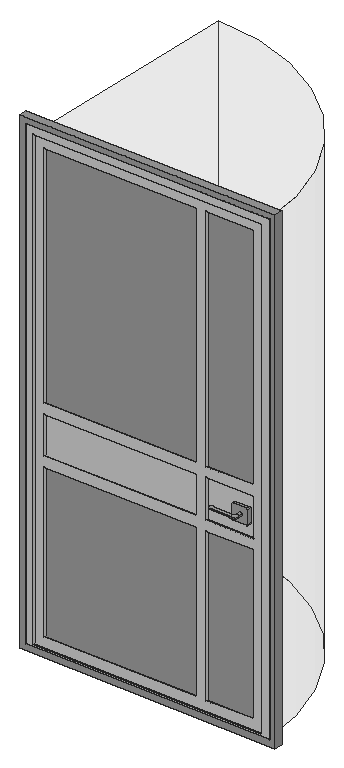
Revit family "AVLN_Дверь_Сетка", category Двери, Revit 2021
Family settings
  Основа = Стена
  Номер OmniClass = 23.30.10.00
  Заголовок OmniClass = Doors
  Всегда вертикально = Да
  При загрузке вырезать с полостями = Нет
  Общий = Нет
  Точка принадлежности помещению = Нет
Parameters (values of type "Для копирования!")
  х1 = if(Левая, (Width - 250 mm - Рама_полотно * 3 - Коробка толщина_Верх * 2 - Монтажный зазор_Верх * 2), 250 mm)  # 250 mm
  Ширина полотна [instance] = Width - Монтажный зазор_Верх * 2 - Коробка толщина_Верх * 2  # 1200 mm
  Тонкая линия проема = yes
  Толщина = 30 mm  # constant formula
  Стекло.Толщина = 15 mm
  Стекло = yes
  Смещение проема [instance] = 0 mm
  Смещение внутрь = 0 mm
  С1 [instance] = if(Смещение проема = 0 mm, 1 mm, 0 mm)  # 1 mm
  Ручка смещение = 110 mm  # constant formula
  Ручка высота = 1000 mm  # constant formula
  Рама_полотно = 50 mm  # constant formula
  Рабочая зона = no
  Rough Width = Width - Монтажный зазор_Справа - Монтажный зазор_Слева  # 1280 mm
  Rough Height = Height - Монтажный зазор_Верх - Монтажный зазор_Низ  # 2450 mm
  Правая = yes
  Порог_наружный_смещение [instance] = 50 mm
  Порог_внутренний_смещение [instance] = 50 mm
  Порог_внуренний [instance] = no
  Порог [instance] = no
  Определить тепловые свойства по = Тип схем
  Описание = "Индивидуальный дверной блок (лестница) стальной однопольный, с пониженым порогом, с уплотнителем, с доводчиком, с нажимными ручками. Без замка, с ограничителем. Ширина проема в свету не менее 900 мм. Цвет: см. Дизайн-проект."
  Окрывание 30° = yes
  Fire Rating = ""
  Монтажный зазор_Справа = 30 mm
  Монтажный зазор_Слева = 30 mm
  Монтажный зазор_Низ = 30 mm
  Монтажный зазор сверху [instance] = if(Смещение проема = 0 mm, Монтажный зазор_Верх - 1 mm, Монтажный зазор_Верх)  # 29 mm
  Монтажный зазор_Верх = 30 mm
  Материал_Коробка = Сталь
  Материал_Сетка = Сетка
  Материал_Рабочая зона = none
  Материал_Полотно = Сталь
  Материал_Монтажный зазор = Монтажный зазор
  Материал_Дверной ручки = По умолчанию
  Левая = not(Правая)  # no
  Коробка_Глубина = 40 mm
  Коробка.Профиль = 1 mm  # constant formula
  Коробка толщина_Справа = 40 mm
  Коробка толщина_Слева = 40 mm
  Коробка толщина_Низ = 10 mm
  Коробка толщина_Верх = 40 mm
  Комментарии к типоразмеру = "Двери внутренние"
  Заполнение под проемом_Видимость [instance] = if(Смещение проема = 0 mm, 1 = 0, 1 = 1)  # no
  Функция = Внутренние слои
  Группа модели = "Дверь"
  Height = 2510 mm
  Замыкание стены = По основе
  Width = 1340 mm
  Аналитическая конструкция = "<Нет>"
  АВЛН_Проем_Высота [instance] = if(Смещение проема = 0 mm, Height - 1 mm, Height)  # 2509 mm
  ADSK_Размер_Ширина [instance] = Width  # 1340 mm
  ADSK_Размер_Высота [instance] = Height + Смещение проема  # 2510 mm
  ADSK_Примечание [instance] = ""
  ADSK_Позиция [instance] = ""
  ADSK_Обозначение = "ГОСТ 31173-2016"
  ADSK_Наименование = "ДСВ Оп 2090-1100 Прг Л Н П2лс"
  ADSK_Масса = 0
  ADSK_Марка [instance] = "ДВ-21Л"
  ADSK_Количество [instance] = 1
  ADSK_Единица измерения [instance] = "шт."
  2 = Монтажный зазор_Верх * 2 + 100 mm  # 160 mm
Reference planes
  plane 1: y = 0
  plane 2 "По центру (Влево/Вправо)": x = 0
  plane 3 "Слева": x = -670
  plane 4 "Справа": x = 670
  plane 5: z = 2509
  plane 6 "Наружный": y = 150
  plane 7 "Внутренние": y = -150
  plane 8: z = 0
  plane 9: x = -640
  plane 10: x = 640
  plane 11: x = 600
  plane 12: x = -600
  plane 13: z = 2480
  plane 14: z = 2440
  plane 15 "Полотно_Н": y = 150
  plane 16 "Полотно_В": y = 120
  plane 17: z = 0
  plane 18: x = -490
  plane 19: x = 490
  plane 20: z = 1040
  plane 21: z = 1254.5
  plane 22 "Короб_В": y = 110
  plane 23: x = -599
  plane 24: x = 599
  plane 25: z = 2439
  plane 26: y = 1490
  plane 27: x = 550
  plane 28: z = 2390
  plane 29: x = -550
  plane 30: y = 135
  plane 31: y = 142.5
  plane 32: y = 127.5
  plane 33: y = 200
  plane 34: y = -200
  plane 35: z = -1
  plane 36 "Решетка_Смещение_Низ": z = 90
  plane 37 "Решетка_Смещение_Верх": z = 2172.293
  plane 38: y = 1330
  plane 39: x = 300
  plane 40: x = 250
  plane 41 "Короб_Г": z = 40
  plane 42 "Начало": z = 0
  plane 43 "Короб_Е": z = 30
Forms (mm)
  Extrusion 1, solid, material "Сталь" <- "Материал_Полотно", visible <- "Стекло", detail levels fine
    sketch origin (0, 150, 0) x (1, 0, 0) y (0, 0, 1)
      loop
        line (600, 2440) -> (-600, 2440) -> (-600, 40) -> (600, 40) -> (600, 2440)
      loop
        line (550, 2390) -> (300, 2390) -> (300, 1190) -> (550, 1190) -> (550, 2390)
      loop
        line (250, 1190) -> (250, 2390) -> (-550, 2390) -> (-550, 1190) -> (250, 1190)
      loop
        line (250, 890) -> (-550, 890) -> (-550, 90) -> (250, 90) -> (250, 890)
      loop
        line (550, 890) -> (300, 890) -> (300, 90) -> (550, 90) -> (550, 890)
      loop
        line (300, 1140) -> (300, 940) -> (550, 940) -> (550, 1140) -> (300, 1140)
      loop
        line (250, 1140) -> (-550, 1140) -> (-550, 940) -> (250, 940) -> (250, 1140)
    from 0 to 30
  Extrusion 2, solid, material "Сталь" <- "Материал_Коробка", visible <- "Заполнение под проемом_Видимость", detail levels fine
    sketch origin (0, 150, 0) x (1, 0, 0) y (0, 0, 1)
      loop
        line (670, 0) -> (-670, 0) -> (-670, -1) -> (670, -1) -> (670, 0)
    from 0 to 40
  Extrusion 3, solid, material "Монтажный зазор" <- "Материал_Монтажный зазор"
    sketch origin (0, -150, 0) x (1, 0, 0) y (0, 0, 1)
      loop
        line (-640, 30) -> (640, 30) -> (640, 2480) -> (-640, 2480) -> (-640, 30)
      loop
        line (670, 0) -> (670, 2509) -> (-670, 2509) -> (-670, 0) -> (670, 0)
    from -300 to -260
  Extrusion 4, void
    sketch origin (0, 0, 0) x (1, 0, 0) y (0, 1, 0)
      loop
        line (-670, 1490) -> (-670, 150) -> (670, 150) -> (670, 1490) -> (-670, 1490)
    from 0 to 2509
  Extrusion 5, solid, material "Сетка" <- "Материал_Сетка", visible <- "Стекло", detail levels fine
    sketch origin (0, 150, 0) x (1, 0, 0) y (0, 0, 1)
      loop
        line (550, 2390) -> (300, 2390) -> (300, 1169.5) -> (550, 1169.5) -> (550, 2390)
      loop
        line (-550, 2390) -> (-550, 1169.5) -> (250, 1169.5) -> (250, 2390) -> (-550, 2390)
      loop
        line (550, 90) -> (550, 890) -> (300, 890) -> (300, 90) -> (550, 90)
      loop
        line (250, 90) -> (250, 890) -> (-550, 890) -> (-550, 90) -> (250, 90)
    from 7.5 to 22.5
  Extrusion 6, solid, material "Сталь" <- "Материал_Полотно", not visible
    sketch origin (0, 150, 0) x (1, 0, 0) y (0, 0, 1)
      loop
        line (600, 2440) -> (-600, 2440) -> (-600, 40) -> (600, 40) -> (600, 2440)
    from 0 to 30
  Extrusion 7, solid, material "Зоны открывания", visible <- "Правая"
    sketch origin (1436.722, 564.195, 0) x (1, 0, 0) y (0, 1, 0)
      loop
        line (-2036.722, -414.195) -> (-836.722, -414.195)
        arc (-836.722, -414.195) -> (-1205.944, 410.495) -> (-2036.722, 765.805) r 1240.234
        line (-2036.722, 765.805) -> (-2036.722, -414.195)
    from 0 to 2440
  Extrusion 8, solid, material "Зоны открывания", visible <- "Левая"
    sketch origin (-1436.722, 564.195, 0) x (-1, 0, 0) y (0, -1, 0)
      loop
        line (-2035.722, 414.195) -> (-2035.722, -765.805)
        arc (-2035.722, -765.805) -> (-1200.025, -415.806) -> (-836.722, 414.195) r 1218.902
        line (-836.722, 414.195) -> (-2035.722, 414.195)
    from 0 to 2440
  Extrusion 9, solid, material "Сталь" <- "Материал_Полотно", visible <- "Стекло", detail levels fine
    sketch origin (0, 150, -250) x (1, 0, 0) y (0, 0, 1)
      loop
        line (550, 1390) -> (300, 1390) -> (300, 1190) -> (550, 1190) -> (550, 1390)
      loop
        line (-550, 1390) -> (-550, 1190) -> (250, 1190) -> (250, 1390) -> (-550, 1390)
    from 7.5 to 22.5
  Extrusion 10, solid, material "Сталь" <- "Материал_Коробка"
    sketch origin (30, -150, 0) x (1, 0, 0) y (0, 0, 1)
      loop
        line (-630, 40) -> (569, 40) -> (569, 2440) -> (-630, 2440) -> (-630, 40)
      loop
        line (610, 30) -> (610, 2480) -> (-670, 2480) -> (-670, 30) -> (610, 30)
    from -300 to -260
Lines and regions (mm)
  Opening 1
    outline origin (-3050, -150, 0) x (1, 0, 0) y (0, 0, 1)
      loop
        line (2380, -1) -> (3720, -1) -> (3720, 2509) -> (2380, 2509) -> (2380, -1)
  Masking region 1, visible <- "Тонкая линия проема"
    outline origin (95.796, -283.072, 0) x (1, 0, 0) y (0, 1, 0)
      loop
        line (-739.745, 443.072) -> (-765.796, 433.072) -> (-765.796, 133.072) -> (-765.796, 123.072) -> (574.204, 123.072) -> (574.204, 133.072) -> (574.204, 433.072) -> (546.729, 443.072) -> (-739.745, 443.072)
  model lines, style "Открывание_Внутрь", visible <- "Левая"
    curve 1: line (599, 120, 2439) -> (-599, 120, 1254.5)
    curve 2: line (-599, 120, 1254.5) -> (599, 120, 0)
  model lines, style "Открывание_Внутрь", visible <- "Правая"
    curve 3: line (-599, 120, 0) -> (599, 120, 1254.5)
    curve 4: line (599, 120, 1254.5) -> (-599, 120, 2439)
  model lines, style "Открывание_Наружу", visible <- "Правая"
    curve 5: line (-600, 150, 0) -> (599, 150, 1254.5)
    curve 6: line (599, 150, 1254.5) -> (-600, 150, 2440)
  model lines, style "Открывание_Наружу", visible <- "Левая"
    curve 7: line (600, 150, 2440) -> (-599, 150, 1254.5)
    curve 8: line (-599, 150, 1254.5) -> (600, 150, 0)
  model lines, style "Рабочая зона", visible <- "Рабочая зона"
    curve 9: line (-670, 150, 0) -> (-670, 1490, 0)
    curve 10: line (-670, 1490, 0) -> (670, 1490, 0)
    curve 11: line (670, 150, 0) -> (670, 1490, 0)
  symbolic lines, style "Порог", visible <- "Порог_внуренний"
    curve 12: line (-670, -200, 0) -> (670, -200, 0)
  symbolic lines, style "Порог", visible <- "Порог"
    curve 13: line (-670, 200, 0) -> (670, 200, 0)
Text (mm)
  text "Наружный" at (-2295.016, 1099.543, 0), in view "Опорный уровень"
  text "Наружный" at (0, 1615.38, 3698.081), in view "Слева"
  text "Наружный" at (0, 1036.032, 3874.932), in view "Справа"
Dimensions and locks
  equal spacing: plane 3 "Слева", plane 2 "По центру (Влево/Вправо)", plane 4 "Справа"
  "Width": plane 3 "Слева" to plane 4 "Справа"
  host wall to plane 5 = 2973.966 mm
  locked: plane 6 "Наружный" to host wall
  locked: plane 7 "Внутренние" to host wall
  plane 8 to level = 0 mm
  "АВЛН_Проем_Высота": level to plane 5
  "Монтажный зазор_Слева": plane 3 "Слева" to plane 9
  "Монтажный зазор_Справа": plane 10 to plane 4 "Справа"
  "Смещение внутрь": plane 15 "Полотно_Н" to plane 6 "Наружный"
  "Толщина": plane 15 "Полотно_Н" to plane 16 "Полотно_В"
  "Смещение проема": level to plane 17
  "Монтажный зазор сверху": plane 13 to plane 5
  "Коробка толщина_Верх": plane 14 to plane 13
  "Коробка толщина_Слева": plane 12 to plane 9
  "Коробка толщина_Справа": plane 11 to plane 10
  "Смещение проема": level to plane 8
  "Ручка смещение": plane 12 to plane 18
  "Ручка смещение": plane 19 to plane 11
  equal spacing: level, plane 21, plane 5
  equal spacing: plane 7 "Внутренние", plane 1, plane 6 "Наружный"
  "Коробка_Глубина": plane 15 "Полотно_Н" to plane 22 "Короб_В"
  "Коробка.Профиль": plane 12 to plane 23
  "Коробка.Профиль": plane 24 to plane 11
  "Коробка.Профиль": plane 14 to plane 25
  "Width": plane 26 to plane 15 "Полотно_Н"
  equal spacing: plane 15 "Полотно_Н", plane 30, plane 16 "Полотно_В"
  equal spacing: plane 32, plane 30, plane 31
  "Стекло.Толщина": plane 32 to plane 31
  "Порог_наружный_смещение": plane 6 "Наружный" to plane 33
  "Порог_внутренний_смещение": plane 34 to plane 7 "Внутренние"
  "С1": plane 8 to plane 35
  "Рама_полотно": plane 36 "Решетка_Смещение_Низ" to plane 41 "Короб_Г"
  "2": plane 26 to plane 38
  level to plane 14 = 2440 mm
  "Рама_полотно": plane 28 to plane 14
  "Рама_полотно": plane 27 to plane 11
  "Рама_полотно": plane 29 to plane 12
  "Рама_полотно": plane 40 to plane 39
  "х1": plane 39 to plane 27
  plane 29 to plane 40 = 800 mm
  plane 12 to plane 11 = 1200 mm
  Extrusion 1 to Extrusion 1 = 1100 mm
  plane 9 to plane 3 "Слева" = 30 mm
  plane 4 "Справа" to plane 10 = 30 mm
  "Коробка толщина_Низ": plane 41 "Короб_Г" to plane 43 "Короб_Е"
  "Монтажный зазор_Низ": plane 43 "Короб_Е" to plane 42 "Начало"
  equal spacing: Extrusion 1 sketch curve, plane 20, Extrusion 1 sketch curve  (x2)
  locked: Extrusion 1 sketch curve to Extrusion 1 sketch curve at 200  (x2)
  "Рама_полотно": Extrusion 1 sketch curve to Extrusion 1 sketch curve  (x4)
  "Ручка высота": plane 20 to plane 41 "Короб_Г"
  aligned and locked: plane 3 "Слева" to Opening 1 sketch curve
  aligned and locked: Opening 1 sketch curve to plane 4 "Справа"
  aligned and locked: plane 1 to host wall
  aligned and locked: Extrusion 1 to plane 16 "Полотно_В"
  aligned and locked: plane 15 "Полотно_Н" to Extrusion 1
  aligned and locked: level to Extrusion 2 sketch curve
  aligned and locked: Extrusion 2 sketch curve to plane 4 "Справа"
  aligned and locked: Extrusion 2 sketch curve to host wall
  aligned and locked: nested 1 to plane 16 "Полотно_В"
  aligned and locked: nested 2 to plane 15 "Полотно_Н"
  aligned and locked: plane 15 "Полотно_Н" to nested 4
  aligned and locked: plane 16 "Полотно_В" to nested 3
  aligned and locked: plane 5 to Opening 1 sketch curve
  aligned and locked: plane 14 to Extrusion 1 sketch curve
  aligned and locked: Extrusion 3 sketch curve to plane 4 "Справа"
  aligned and locked: Extrusion 3 sketch curve to plane 10
  aligned and locked: Extrusion 3 sketch curve to plane 5
  aligned and locked: Extrusion 3 sketch curve to plane 13
  aligned and locked: plane 3 "Слева" to Extrusion 3 sketch curve
  aligned and locked: plane 9 to Extrusion 3 sketch curve
  aligned and locked: nested 2 to plane 20
  aligned and locked: plane 20 to nested 4
  aligned and locked: plane 20 to nested 1
  aligned and locked: nested 3 to plane 20
  aligned and locked: plane 19 to nested 4
  aligned and locked: plane 18 to nested 2
  aligned and locked: nested 3 to plane 19
  aligned and locked: nested 1 to plane 18
  aligned and locked: nested 5 to plane 4 "Справа"
  aligned and locked: nested 5 to plane 3 "Слева"
  aligned and locked: nested 5 to plane 15 "Полотно_Н"
  aligned and locked: nested 6 to plane 3 "Слева"
  aligned and locked: nested 6 to plane 4 "Справа"
  aligned and locked: plane 15 "Полотно_Н" to nested 6
  aligned and locked: Extrusion 3 to plane 22 "Короб_В"
  aligned and locked: plane 15 "Полотно_Н" to Extrusion 3
  aligned and locked: plane 23 to curve 4
  aligned and locked: plane 25 to curve 4
  aligned and locked: plane 25 to curve 1
  aligned and locked: plane 24 to curve 1
  aligned and locked: plane 23 to curve 1
  aligned and locked: plane 21 to curve 2
  aligned and locked: plane 24 to curve 4
  aligned and locked: plane 21 to curve 3
  aligned and locked: level to curve 3
  aligned and locked: level to curve 2
  aligned and locked: curve 9 to plane 3 "Слева"
  aligned and locked: curve 10 to plane 26
  aligned and locked: curve 11 to plane 4 "Справа"
  aligned and locked: plane 15 "Полотно_Н" to curve 9
  aligned and locked: plane 15 "Полотно_Н" to curve 11
  aligned and locked: Extrusion 4 sketch curve to plane 26
  aligned and locked: Extrusion 4 sketch curve to plane 3 "Слева"
  aligned and locked: Extrusion 4 sketch curve to plane 15 "Полотно_Н"
  aligned and locked: Extrusion 4 sketch curve to plane 4 "Справа"
  aligned and locked: Extrusion 4 to plane 5
  aligned and locked: plane 32 to Extrusion 5
  aligned and locked: plane 31 to Extrusion 5
  aligned and locked: plane 11 to Extrusion 6 sketch curve
  aligned and locked: plane 14 to Extrusion 6 sketch curve
  aligned and locked: plane 12 to Extrusion 6 sketch curve
  aligned and locked: plane 15 "Полотно_Н" to Extrusion 6
  aligned and locked: Extrusion 6 to plane 16 "Полотно_В"
  aligned and locked: curve 6 to curve 4
  aligned and locked: curve 8 to curve 2
  aligned and locked: Masking region 1 sketch curve to curve 9
  aligned and locked: Extrusion 1 to Masking region 1 sketch curve
  aligned and locked: plane 6 "Наружный" to Masking region 1 sketch curve
  aligned and locked: host wall to Masking region 1 sketch curve  (x2)
  aligned and locked: plane 3 "Слева" to Masking region 1
  aligned and locked: Masking region 1 to plane 4 "Справа"
  aligned and locked: plane 3 "Слева" to curve 13
  aligned and locked: plane 4 "Справа" to curve 13
  aligned and locked: curve 13 to plane 33
  aligned and locked: curve 12 to plane 34
  aligned and locked: Extrusion 2 to plane 35
  aligned and locked: Extrusion 4 to plane 8
  aligned and locked: Opening 1 sketch curve to plane 35
  aligned and locked: Extrusion 7 sketch curve to plane 12
  aligned and locked: plane 6 "Наружный" to Extrusion 7 sketch curve
  aligned and locked: plane 11 to Extrusion 7 sketch curve
  aligned and locked: plane 38 to Extrusion 7 sketch curve
  aligned and locked: Extrusion 7 to level
  aligned and locked: plane 14 to Extrusion 7
  aligned and locked: Extrusion 8 sketch curve to plane 24
  aligned and locked: Extrusion 2 to Extrusion 8 sketch curve
  aligned and locked: plane 12 to Extrusion 8 sketch curve
  aligned and locked: plane 38 to Extrusion 8 sketch curve
  aligned and locked: Extrusion 8 to Extrusion 7
  aligned and locked: Extrusion 8 to level
  aligned and locked: Extrusion 1 sketch curve to plane 28
  aligned and locked: plane 28 to Extrusion 1 sketch curve
  aligned and locked: Extrusion 1 sketch curve to plane 29  (x2)
  aligned and locked: plane 29 to Extrusion 1 sketch curve
  aligned and locked: Extrusion 1 sketch curve to plane 27  (x2)
  aligned and locked: plane 36 "Решетка_Смещение_Низ" to Extrusion 1 sketch curve  (x2)
  aligned and locked: Extrusion 5 sketch curve to plane 28  (x2)
  aligned and locked: Extrusion 5 sketch curve to plane 36 "Решетка_Смещение_Низ"  (x2)
  aligned and locked: plane 27 to Extrusion 5 sketch curve
  aligned and locked: Extrusion 5 sketch curve to plane 27
  aligned and locked: plane 29 to Extrusion 5 sketch curve  (x2)
  aligned and locked: plane 27 to Extrusion 1 sketch curve
  aligned and locked: Extrusion 1 sketch curve to plane 40  (x3)
  aligned and locked: Extrusion 1 sketch curve to plane 39  (x2)
  aligned and locked: plane 39 to Extrusion 1 sketch curve
  aligned and locked: plane 40 to Extrusion 5 sketch curve
  aligned and locked: Extrusion 5 sketch curve to plane 40
  aligned and locked: plane 27 to Extrusion 9 sketch curve
  aligned and locked: plane 39 to Extrusion 9 sketch curve
  aligned and locked: plane 40 to Extrusion 9 sketch curve
  aligned and locked: plane 29 to Extrusion 9 sketch curve
  aligned and locked: plane 39 to Extrusion 5 sketch curve
  aligned and locked: Extrusion 5 sketch curve to plane 39
  aligned and locked: Extrusion 5 to Extrusion 9
  aligned and locked: plane 31 to Extrusion 9
  aligned and locked: plane 32 to Extrusion 9
  aligned and locked: plane 41 "Короб_Г" to Extrusion 6 sketch curve
  aligned and locked: Extrusion 1 to plane 41 "Короб_Г"
  aligned and locked: Extrusion 10 sketch curve to Extrusion 6
  aligned and locked: plane 10 to Extrusion 10 sketch curve
  aligned and locked: plane 24 to Extrusion 10 sketch curve
  aligned and locked: Extrusion 10 sketch curve to plane 13
  aligned and locked: Extrusion 10 sketch curve to plane 14
  aligned and locked: Extrusion 10 sketch curve to plane 43 "Короб_Е"
  aligned and locked: plane 41 "Короб_Г" to Extrusion 10 sketch curve
  aligned and locked: Extrusion 2 to Extrusion 10
  aligned and locked: host wall to Extrusion 10
Automatic sketch dimensions
  plane 12 to Extrusion 1 sketch curve = 0 mm
  plane 11 to Extrusion 1 sketch curve = 0 mm
  Extrusion 1 sketch curve to plane 41 "Короб_Г" = 0 mm
  Extrusion 2 sketch curve to plane 8 = 1 mm
  curve 12 to plane 3 "Слева" = 0 mm
  curve 12 to plane 4 "Справа" = 0 mm
  plane 11 to curve 7 = 0 mm
  curve 8 to level = 0 mm
  plane 11 to curve 8 = 0 mm
  curve 6 to plane 21 = 0 mm
  curve 7 to plane 21 = 0 mm
  plane 12 to curve 6 = 0 mm
  curve 5 to level = 0 mm
  plane 12 to curve 5 = 0 mm
  curve 7 to plane 14 = 0 mm
  curve 6 to plane 14 = 0 mm
  plane 24 to curve 2 = 0 mm
  curve 3 to plane 23 = 0 mm
  Extrusion 5 sketch curve to plane 20 = 150 mm  (x2)
  Extrusion 5 sketch curve to plane 21 = 85 mm
  Extrusion 5 sketch curve to Extrusion 5 sketch curve = 0 mm
  Masking region 1 sketch curve to plane 4 "Справа" = 0 mm
  Masking region 1 sketch curve to plane 9 = 3.949 mm
  plane 10 to Masking region 1 sketch curve = 2.525 mm
  host wall to Masking region 1 sketch curve = 10 mm  (x2)
  plane 9 to Extrusion 7 sketch curve = 1.2 mm
  plane 22 "Короб_В" to Extrusion 8 sketch curve = 1.25 mm
  Extrusion 9 sketch curve to plane 20 = 100 mm
  Extrusion 9 sketch curve to Extrusion 9 sketch curve = 0 mm
  plane 20 to Extrusion 9 sketch curve = 100 mm  (x2)
  Extrusion 10 sketch curve to plane 9 = 0 mm
  Extrusion 3 sketch curve to plane 43 "Короб_Е" = 0 mm
  Extrusion 3 sketch curve to level = 0 mm
Nested families
  nested 1: "Дв_Дверная ручка_Квадрат" at (-490, 120, 0), visible <- "Левая", type "Дв_Дверная ручка_Квадрат", detail levels fine
  nested 2: "Дв_Дверная ручка_Квадрат" at (-490, 150, 0), visible <- "Левая", type "Дв_Дверная ручка_Квадрат", detail levels fine
  nested 3: "Дв_Дверная ручка_Квадрат" at (490, 120, 0) x (-1, 0, 0) z (0, 0, 1), visible <- "Правая", type "Дв_Дверная ручка_Квадрат", detail levels fine
  nested 4: "Дв_Дверная ручка_Квадрат" at (490, 150, 0) x (-1, 0, 0) z (0, 0, 1), visible <- "Правая", type "Дв_Дверная ручка_Квадрат", detail levels fine
  nested 5: "АС-Однопольная-Обозначение на плане" at (0, 150, -1), Width <- "Width", Толщина <- "Толщина", Коробка.Толщина <- "Коробка толщина_Верх", Height <- "Rough Height", Полотно.Ширина <- "Ширина полотна", Rough Width <- "Rough Width", visible <- "Левая", Коробка.Ширина <- "Коробка.Профиль", type "АС-Стандарт"
    with Width 1340 mm, Толщина 30 mm, Rough Width 1280 mm, Полотно.Ширина 1200 mm, Коробка.Ширина 1 mm, Коробка.Толщина 40 mm, Height 2450 mm
  nested 6: "АС-Однопольная-Обозначение на плане" at (0, 150, -1) x (-1, 0, 0) z (0, 0, 1), Width <- "Width", Толщина <- "Толщина", Коробка.Толщина <- "Коробка толщина_Верх", Height <- "Rough Height", Полотно.Ширина <- "Ширина полотна", Rough Width <- "Rough Width", visible <- "Правая", Коробка.Ширина <- "Коробка.Профиль", type "АС-Стандарт"
    with Width 1340 mm, Толщина 30 mm, Rough Width 1280 mm, Полотно.Ширина 1200 mm, Коробка.Ширина 1 mm, Коробка.Толщина 40 mm, Height 2450 mm
Definition of nested family "Дв_Дверная ручка_Квадрат"
  Parameters (values of type "Дв_Дверная ручка_Квадрат")
    Define Thermal Properties by = 1
    Материал дверной ручки = none
    Высота расположения дверной ручки [instance] = 1040 mm
    Analytic Construction = "<Нет>"
  Reference planes
    plane 1 "По центру (Вперед/Назад)": y = 0
    plane 2: z = 0
    plane 3 "По центру (Влево/Вправо)": x = 0
    plane 4: z = 1040
    plane 5: x = -41.434
    plane 6: x = 41.434
    plane 7: z = 1080
    plane 8: z = 1000
    plane 9: y = -15
  Forms (mm)
    Extrusion 1, solid, material <- "Материал дверной ручки"
      sketch origin (0, 0, 0) x (1, 0, 0) y (0, 0, 1)
        loop
          arc (-36.434, 1080) -> (-39.969, 1078.536) -> (-41.434, 1075) r 5
          line (-41.434, 1075) -> (-41.434, 1005)
          arc (-41.434, 1005) -> (-39.969, 1001.464) -> (-36.434, 1000) r 5
          line (-36.434, 1000) -> (36.434, 1000)
          arc (36.434, 1000) -> (39.969, 1001.464) -> (41.434, 1005) r 5
          line (41.434, 1005) -> (41.434, 1075)
          arc (41.434, 1075) -> (39.969, 1078.536) -> (36.434, 1080) r 5
          line (36.434, 1080) -> (-36.434, 1080)
      from 0 to 15
    Sweep 2, solid, material <- "Материал дверной ручки"
      path origin (0, 0, 0) x (1, 0, 0) y (0, 1, 0)
        loop
          line (0, -15) -> (0, -38.261)
          arc (0, -38.261) -> (2.929, -45.332) -> (10, -48.261) r 10
          line (10, -48.261) -> (130, -48.261)
      profile origin (0, -26.63, 0) x (1, 0, 0) y (0, 0, 1)
        loop
          circle (0, 1040) r 8
  Dimensions and locks
    "Высота расположения дверной ручки": plane 4 to level
    plane 7 to plane 8 = 80 mm
    plane 6 to plane 5 = 82.868 mm
    equal spacing: plane 6, plane 3 "По центру (Влево/Вправо)", plane 5
    locked: plane 1 "По центру (Вперед/Назад)" to plane 9 at 15
    aligned and locked: level to plane 2
    aligned and locked: Extrusion 1 sketch curve to plane 7
    aligned and locked: plane 5 to Extrusion 1 sketch curve
    aligned and locked: plane 8 to Extrusion 1 sketch curve
    aligned and locked: Extrusion 1 sketch curve to plane 6
    aligned and locked: Extrusion 1 to plane 1 "По центру (Вперед/Назад)"
    aligned and locked: plane 4 to Sweep 2
  Automatic sketch dimensions
    Sweep 2 sketch curve to plane 3 "По центру (Влево/Вправо)" = 0 mm
    plane 9 to Sweep 2 sketch curve = 0 mm
    Sweep 2 sketch curve to Sweep 2 sketch curve = 10 mm
    Sweep 2 sketch curve to Sweep 2 sketch curve = 23.261 mm
    Sweep 2 sketch curve to Sweep 2 sketch curve = 120 mm
    profile plane to Sweep 2 sketch curve = 0 mm
    level to Sweep 2 sketch curve = 1040 mm
    Extrusion 1 sketch curve to Extrusion 1 sketch curve = 5 mm  (x3)
    plane 5 to Extrusion 1 sketch curve = 5 mm
    radius of Sweep 2 sketch curve = 8 mm
Definition of nested family "АС-Однопольная-Обозначение на плане"
  Parameters (values of type "АС-Стандарт")
    Полотно.Ширина [instance] = 900 mm
    Открывание двери 90 = not(Открывание двери 30)  # no
    Открывание двери 30 = yes
    Линия открывания (дуга) = not(Открывание двери 30)  # no
    Коробка.Ширина [instance] = 40 mm
    Коробка.Толщина [instance] = 80 mm
    Width [instance] = 1000 mm
    Thickness [instance] = 40 mm
    Rough Width [instance] = 960 mm
    Height [instance] = 2100 mm
    Default Elevation = 0 mm
    Analytic Construction = "<Нет>"
  Reference planes
    plane 1 "Center (Front/Back)": y = 0
    plane 2: z = 0
    plane 3 "Center (Left/Right)": x = 0
    plane 4 "Полотно.Слева": x = -480
    plane 5 "Полотно справа": x = 480
    plane 6 "Проем.Слева": x = -500
    plane 7 "Проем.Справа": x = 500
    plane 8 "Полотно. Внутренняя сторона": y = -40
    plane 9 "Коробка. Внутренняя сторона": y = -80
    plane 10 "Коробка.Внутренняя сторона слева": x = -450
    plane 11 "Коробка. Внутренняя сторона справа": x = 450
    plane 12 "2": x = -410
    plane 13 "3": x = 410
  Lines and regions (mm)
    Masking region 1, detail levels fine
      outline origin (0, 0, 0) x (1, 0, 0) y (0, 1, 0)
        loop
          line (-500, -80) -> (-480, -80) -> (-480, 0) -> (-500, 0) -> (-500, -80)
    Masking region 2, detail levels fine
      outline origin (0, 0, 0) x (1, 0, 0) y (0, 1, 0)
        loop
          line (500, -80) -> (500, 0) -> (480, 0) -> (480, -80) -> (500, -80)
    Masking region 3, detail levels fine
      outline origin (0, 0, 0) x (1, 0, 0) y (0, 1, 0)
        loop
          line (-480, 0) -> (-480, -80) -> (-410, -80) -> (-410, -40) -> (-450, -40) -> (-450, 0) -> (-480, 0)
    Masking region 4, detail levels fine
      outline origin (0, 0, 0) x (1, 0, 0) y (0, 1, 0)
        loop
          line (480, 0) -> (450, 0) -> (450, -40) -> (410, -40) -> (410, -80) -> (480, -80) -> (480, 0)
    Masking region 5, visible <- "Открывание двери 90", detail levels fine
      outline origin (0, 0, 0) x (1, 0, 0) y (0, 1, 0)
        loop
          line (450, 0) -> (450, 900) -> (410, 900) -> (410, 0) -> (450, 0)
    Masking region 6, visible <- "Открывание двери 30", detail levels fine
      outline origin (0, 0, 0) x (1, 0, 0) y (0, 1, 0)
        loop
          line (450, 0) -> (-329.423, 450) -> (-349.423, 415.359) -> (430, -34.641) -> (450, 0)
    symbolic lines, visible <- "Открывание двери 30", detail levels coarse+medium
      curve 1: line (500, 0, 0) -> (-366.025, 500, 0)
    symbolic lines, visible <- "Открывание двери 90", detail levels coarse+medium
      curve 2: line (500, 0, 0) -> (500, 1000, 0)
    symbolic lines, visible <- "Линия открывания (дуга)", detail levels coarse+medium
      curve 3: arc (500, 1000, 0) -> (-207.107, 707.107, 0) -> (-500, 0, 0) r 1000
    symbolic lines, visible <- "Линия открывания (дуга)", detail levels fine
      curve 4: arc (-450, 0, 0) -> (-186.396, 636.396, 0) -> (450, 900, 0) r 900
    model lines, not visible
      curve 5: line (0, 0, 0) -> (0, 0, 2100)
  Dimensions and locks
    "Thickness": plane 1 "Center (Front/Back)" to plane 8 "Полотно. Внутренняя сторона"  (x2)
    equal spacing: plane 4 "Полотно.Слева", plane 3 "Center (Left/Right)", plane 5 "Полотно справа"
    equal spacing: plane 6 "Проем.Слева", plane 3 "Center (Left/Right)", plane 7 "Проем.Справа"
    "Width": plane 6 "Проем.Слева" to plane 7 "Проем.Справа"
    "Rough Width": plane 4 "Полотно.Слева" to plane 5 "Полотно справа"
    plane 1 "Center (Front/Back)" to plane 9 "Коробка. Внутренняя сторона" = 80 mm
    "Коробка.Толщина": plane 9 "Коробка. Внутренняя сторона" to plane 1 "Center (Front/Back)"
    equal spacing: plane 10 "Коробка.Внутренняя сторона слева", plane 3 "Center (Left/Right)", plane 11 "Коробка. Внутренняя сторона справа"
    "Полотно.Ширина": plane 10 "Коробка.Внутренняя сторона слева" to plane 11 "Коробка. Внутренняя сторона справа"
    "Width": curve 1 to curve 1
    "Width": plane 1 "Center (Front/Back)" to curve 2
    "Коробка.Ширина": plane 10 "Коробка.Внутренняя сторона слева" to Masking region 3 sketch curve
    "Коробка.Ширина": Masking region 4 sketch curve to Masking region 4 sketch curve
    "Полотно.Ширина": plane 1 "Center (Front/Back)" to Masking region 5 sketch curve
    "Thickness": Masking region 5 sketch curve to plane 11 "Коробка. Внутренняя сторона справа"
    "Полотно.Ширина": Masking region 6 sketch curve to Masking region 6 sketch curve
    "Thickness": Masking region 6 sketch curve to Masking region 6 sketch curve
    "Height": curve 5 to level
    "Thickness": Masking region 5 to plane 11 "Коробка. Внутренняя сторона справа"
    "Thickness": Masking region 6 to Masking region 6
    "Коробка.Ширина": plane 10 "Коробка.Внутренняя сторона слева" to plane 12 "2"
    "Коробка.Ширина": plane 13 "3" to plane 11 "Коробка. Внутренняя сторона справа"
    "Width": radius of curve 3
    "Полотно.Ширина": radius of curve 4
    locked: curve 1 to plane 1 "Center (Front/Back)" (angle 30.00°)
    locked: Masking region 6 sketch curve to plane 1 "Center (Front/Back)" (angle 30.00°)
    aligned and locked: level to plane 2
    aligned and locked: plane 7 "Проем.Справа" to curve 2
    aligned and locked: plane 1 "Center (Front/Back)" to curve 2
    aligned and locked: Masking region 1 sketch curve to plane 9 "Коробка. Внутренняя сторона"
    aligned and locked: plane 6 "Проем.Слева" to Masking region 1 sketch curve
    aligned and locked: Masking region 1 sketch curve to plane 1 "Center (Front/Back)"
    aligned and locked: plane 4 "Полотно.Слева" to Masking region 1 sketch curve
    aligned and locked: plane 9 "Коробка. Внутренняя сторона" to Masking region 2 sketch curve
    aligned and locked: Masking region 2 sketch curve to plane 7 "Проем.Справа"
    aligned and locked: plane 1 "Center (Front/Back)" to Masking region 2 sketch curve
    aligned and locked: plane 5 "Полотно справа" to Masking region 2 sketch curve
    aligned and locked: Masking region 3 sketch curve to plane 4 "Полотно.Слева"
    aligned and locked: Masking region 3 sketch curve to plane 10 "Коробка.Внутренняя сторона слева"
    aligned and locked: Masking region 3 sketch curve to plane 1 "Center (Front/Back)"
    aligned and locked: Masking region 3 sketch curve to plane 9 "Коробка. Внутренняя сторона"
    aligned and locked: Masking region 3 sketch curve to plane 8 "Полотно. Внутренняя сторона"
    aligned and locked: Masking region 4 sketch curve to plane 5 "Полотно справа"
    aligned and locked: Masking region 4 sketch curve to plane 11 "Коробка. Внутренняя сторона справа"
    aligned and locked: Masking region 4 sketch curve to plane 9 "Коробка. Внутренняя сторона"
    aligned and locked: Masking region 4 sketch curve to plane 8 "Полотно. Внутренняя сторона"
    aligned and locked: Masking region 4 sketch curve to plane 1 "Center (Front/Back)"
    aligned and locked: curve 4 to Masking region 3
    aligned and locked: plane 11 "Коробка. Внутренняя сторона справа" to curve 4
    aligned and locked: Masking region 4 to Masking region 5 sketch curve
    aligned and locked: Masking region 5 sketch curve to Masking region 4
    aligned and locked: plane 11 "Коробка. Внутренняя сторона справа" to Masking region 6 sketch curve
    aligned and locked: plane 2 to curve 5
    aligned and locked: plane 3 "Center (Left/Right)" to curve 5
    aligned and locked: plane 11 "Коробка. Внутренняя сторона справа" to Masking region 5
    aligned and locked: plane 1 "Center (Front/Back)" to Masking region 5
  Automatic sketch dimensions
    plane 1 "Center (Front/Back)" to Masking region 6 sketch curve = 0 mm
